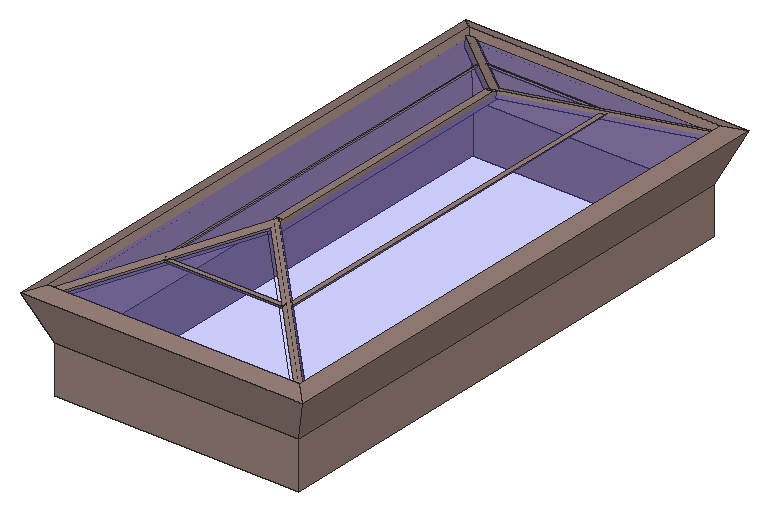
Revit family "6d07245daee446b7b0f36c6bc6e6e210", category Windows, host Roof, Revit 2019
Family settings
  Host = Roof
  OmniClass Number = 23.30.30.17.17
  OmniClass Title = Pyramidal Metal-Framed Skylights
  Always vertical = No
  Cut with Voids When Loaded = No
  Shared = No
  Room Calculation Point = No
Parameters (values of type "17" x 36"")
  Length 7 = if(Angle < 50.00°, Height + 2 * Length 1 - (Angle Height - Height 1) / tan(Angle) - 0' 2 3/4", Height + 2 * Length 1 - (Angle Height - Height 1) / tan(Angle) - 0' 3" + 0' 0 1/4")  # 2' - 3.39586"
  Length 6 = if(Angle < 50.00°, 0.5 * (Width + Length 1 - Length 4) - 0' 0 1/4", if(Angle < 60.00°, 0.5 * (Width + Length 1 - Length 4) + 0' 0 1/4", 0.5 * (Width + Length 1 - Length 4) + 0' 0 1/2"))  # 0' - 8.29037"
  Length 5 = 0.5 * (Angle Height - Height 1) / sin(Angle)  # 0' - 4.57104"
  Length 4 = cos(Angle) * 0' 1 1/8" + sin(Angle) * 0' 0 1/2"  # 0' - 1.23039"
  Length 3 = (Angle Height - Height 1) / tan(Angle)  # 0' - 8.47639"
  Length 2 = tan(Angle / 2) * 0' 1 1/8"  # 0' - 0.21868"
  Length 1 = sin(Angle) * 0' 3 1/2"  # 0' - 1.31112"
  Height 1 = cos(Angle) * 0' 3 1/2"  # 0' - 3.24514"
  Fire Rating = "0.5h"
  Assembly Code = "B2020100"
  Angle Height = 0' 3" / cos(Angle) + tan(Angle) * Width / 2  # 0' - 6.66983"
  Width = 1' - 5"
  Visual Light Transmittance = 0.9
  Thermal Resistance (R) = 0.9899 (h·ft²·°F)/BTU
  Solar Heat Gain Coefficient = 0.86
  Rough Width = Width + 0' 0 1/2"  # 1' - 5 1/2"
  Rough Height = Height + 0' 0 1/2"  # 3' - 0 1/2"
  Height = 3' - 0"
  Heat Transfer Coefficient (U) = 1.0102 BTU/(h·ft²·°F)
  Glass Panel Material = Glass
  Frame Material = Metal - Bronze, Light Brush
  Angle = 22.00°
  Analytic Construction = "Single-glazed windows - domestic"
Types (3): name | Length 7 | Length 6 | Length 5 | Length 3 | Angle Height | Width | Rough Width | Rough Height | Height
  (no name) | 2' - 3.39586" | 0' - 8.29037" | 0' - 4.57104" | 0' - 8.47639" | 0' - 6.66983" | 1' - 5" | 1' - 5 1/2" | 3' - 0 1/2" | 3' - 0"
  17" x 36" | 2' - 3.39586" | 0' - 8.29037" | 0' - 4.57104" | 0' - 8.47639" | 0' - 6.66983" | 1' - 5" | 1' - 5 1/2" | 3' - 0 1/2" | 3' - 0"
  24" x 60" | 3' - 11.89586" | 0' - 11.79037" | 0' - 6.45848" | 0' - 11.97639" | 0' - 8.08392" | 2' - 0" | 2' - 0 1/2" | 5' - 0 1/2" | 5' - 0"
Values of the unnamed type that differ from the named types
  Thermal Resistance (R) = 0.17433 m²·K/W
  Heat Transfer Coefficient (U) = 5.7362 W/(m²·K)
Reference planes (in)
  plane 1 "Center (Front/Back)": y = 0
  plane 2 "Roof": z = 144
  plane 3 "Center (Left/Right)": x = 0
  plane 4: x = -8.5
  plane 5: x = 8.5
  plane 6 "A": y = 18
  plane 7 "B": y = -18
  plane 8 "1": y = 15.5
  plane 9 "2": y = -15.5
  plane 10: x = -6
  plane 11: x = 6
  plane 12: z = 153.25
  plane 13: z = 156.49514
  plane 14: y = 16.875
  plane 15: x = -7.5
  plane 16: x = 7.5
  plane 17: x = 0
  plane 18: z = 159.91983
  plane 19: y = -16.875
  plane 20: y = 19.31112
  plane 21: z = 153.46868
  plane 22: y = -19.31112
  plane 23: y = 10.83473
  plane 24: y = -10.83473
  plane 25: y = 18.65556
  plane 26: y = -18.65556
  plane 27: x = 11
  plane 28: x = -11
  plane 29: y = 18.08074
  plane 30: y = -18.08074
  plane 31: x = 13.5
  plane 32: x = -13.5
  plane 33: x = -0.25
  plane 34: x = 0.25
  plane 35: z = 159.41983
  plane 36 "a": z = 158.20749
  plane 37: y = 9.83473
  plane 38: y = -9.83473
Forms (in)
  Sweep 1, solid, material "Metal - Bronze, Light Brush" <- "Frame Material"
    path origin (0, 0, 144) x (1, 0, 0) y (0, 1, 0)
      loop
        line (-8.5, 18) -> (-8.5, -18) -> (8.5, -18) -> (8.5, 18) -> (-8.5, 18)
    profile origin (0, 18, 144) x (0, 1, 0) y (0, 0, 1)
      loop
        line (0, 6) -> (0, 9.25) -> (1.31112, 12.49514) -> (0.26804, 12.91658) -> (-1.125, 9.46868) -> (-1.125, 6) -> (0, 6)
  Extrusion 2, solid, material "Glass" <- "Glass Panel Material"
    sketch origin (0, 0, 0) x (1, 0, 0) y (0, 0, 1)
      loop
        line (0, 159.91983) -> (-8.58074, 156.45298) -> (-8.49879, 156.25016) -> (0, 159.6839) -> (8.49879, 156.25016) -> (8.58074, 156.45298) -> (0, 159.91983)
    from -18.08074 to 18.08074
  Extrusion 3, void
    sketch origin (0, 19.31112, 156.49514) x (0, 0.927184, -0.374607) y (1, 0, 0)
      loop
        line (0, 13.5) -> (-14.79421, 13.5) -> (-14.79421, -13.5) -> (0, -13.5) -> (0, 13.5)
    from -3.17531 to 0.5
  Extrusion 4, void
    sketch origin (0, -19.31112, 156.49514) x (0, -0.927184, -0.374607) y (1, 0, 0)
      loop
        line (0, -13.5) -> (0, 13.5) -> (-14.79421, 13.5) -> (-14.79421, -13.5) -> (0, -13.5)
    from -0.5 to 3.17531
  Extrusion 5, solid, material "Glass" <- "Glass Panel Material"
    sketch origin (0, 18.65556, 156.22074) x (0, -0.927184, 0.374607) y (1, 0, 0)
      loop
        line (0.61997, 8.58074) -> (0.61997, -8.58074) -> (9.87459, 0) -> (0.61997, 8.58074)
    from 0 to -0.21875
  Extrusion 6, solid, material "Glass" <- "Glass Panel Material"
    sketch origin (0, -9.5, 159.91983) x (0, -0.927184, -0.374607) y (1, 0, 0)
      loop
        line (9.25462, -8.58074) -> (9.25462, 8.58074) -> (0, 0) -> (9.25462, -8.58074)
    from 0 to -0.21875
  Sweep 7, solid, material "Metal - Bronze, Light Brush" <- "Frame Material"
    path origin (0, 18.65556, 156.22074) x (0, -0.927184, 0.374607) y (1, 0, 0)
      loop
        line (0.61997, -8.58074) -> (9.87459, 0) -> (0.61997, 8.58074)
    profile origin (4.29037, 13.79037, 158.18641) x (-0.733301, 0.630396, -0.254697) y (0, 0.374607, 0.927184)
      loop
        line (-0.25, 0.07957) -> (-0.25, -0.42043) -> (0.25, -0.42043) -> (0.25, 0.07957) -> (-0.25, 0.07957)
  Sweep 8, solid, material "Metal - Bronze, Light Brush" <- "Frame Material"
    path origin (0, -9.5, 159.91983) x (0, -0.927184, -0.374607) y (1, 0, 0)
      loop
        line (9.25462, 8.58074) -> (0, 0) -> (9.25462, -8.58074)
    profile origin (-4.29037, -13.79037, 158.18641) x (0.733301, -0.630396, -0.254697) y (0, -0.374607, 0.927184)
      loop
        line (-0.25, 0.08578) -> (-0.25, -0.32047) -> (0.25, -0.32047) -> (0.25, 0.08578) -> (-0.25, 0.08578)
  Extrusion 9, solid, material "Metal - Bronze, Light Brush" <- "Frame Material"
    sketch origin (0, 0, 0) x (1, 0, 0) y (0, 0, 1)
      loop
        line (-0.25, 159.41983) -> (0.25, 159.41983) -> (0.25, 160.08649) -> (-0.25, 160.08649) -> (-0.25, 159.41983)
    from -9.83473 to 9.83473
Cuts and joins
  Extrusion 3, Extrusion 4 cuts Extrusion 2
  Extrusion 3, Extrusion 4 cuts Extrusion 9
Lines and regions (in)
  Opening 1
    outline origin (0, 0, 150) x (0, 1, 0) y (-1, 0, 0)
      loop
        line (15.5, 6) -> (-15.5, 6) -> (-15.5, -6) -> (15.5, -6) -> (15.5, 6)
  reference lines
    curve 1: line (0, 18, 153.25) -> (0, 19.31112, 156.49514)
    curve 2: line (0, 19.31112, 156.49514) -> (0, 10.83473, 159.91983)
    curve 3: line (0, 16.875, 153.46868) -> (0, 18.26804, 156.91658)
    curve 4: line (0, -19.31112, 156.49514) -> (0, -10.83473, 159.91983)
    curve 5: line (0, 19.31112, 159.91983) -> (0, 10.83473, 163.34451)
    curve 6: line (0, -19.31112, 159.91983) -> (0, -10.83473, 163.34451)
    curve 7: line (0, -19.31112, 156.49514) -> (0, -18, 153.25)
    curve 8: line (0, 18.65556, 156.22074) -> (0, 9.5, 159.91983)
    curve 9: line (0, -18.26804, 156.91658) -> (0, -16.875, 153.46868)
    curve 10: line (0, -9.5, 159.91983) -> (0, -18.65556, 156.22074)
    curve 11: line (0, 19.31112, 156.49514) -> (0, 10.83473, 159.91983)
Dimensions and locks (in)
  equal spacing: host sketch curve, plane 3 "Center (Left/Right)", host sketch curve
  equal spacing: host sketch curve, plane 1 "Center (Front/Back)", host sketch curve
  equal spacing: plane 6 "A", plane 1 "Center (Front/Back)", plane 7 "B"
  equal spacing: plane 4, plane 3 "Center (Left/Right)", plane 5
  "Width": plane 4 to plane 5
  "Height": plane 6 "A" to plane 7 "B"
  locked: plane 6 "A" to plane 8 "1" at 2.5
  locked: plane 9 "2" to plane 7 "B" at 2.5
  locked: plane 4 to plane 10 at 2.5
  locked: plane 11 to plane 5 at 2.5
  locked: host roof to plane 12 at 3.25
  locked: plane 4 to plane 15 at 1
  locked: plane 16 to plane 5 at 1
  locked: plane 6 "A" to plane 14 at 1.125
  "Height 1": plane 13 to plane 12
  plane 6 "A" to plane 7 "B" = 3' - 0"
  locked: plane 19 to plane 7 "B" at 1.125
  curve 3 to curve 1 = 0' - 1 1/8"
  "Length 1": plane 20 to plane 6 "A"
  "Length 2": plane 21 to plane 12
  "Length 1": plane 7 "B" to plane 22
  "Length 3": plane 24 to plane 22
  "Length 3": plane 20 to plane 23
  "Angle Height": plane 12 to plane 18
  Sweep 1 to Extrusion 2 sketch curve to Extrusion 2 sketch curve = 0' - 0 1/2" locked, 0' - 0 7/32" locked  (x2)
  equal spacing: plane 20, plane 25, plane 6 "A"
  equal spacing: plane 7 "B", plane 26, plane 22
  locked: cut or joined group of Extrusion 2, Extrusion 3, Extrusion 4 to curve 2 at 0.5
  locked: curve 8 to curve 2 at 0.5
  locked: curve 9 to curve 7 at 1.125
  locked: curve 4 to curve 10 at 0.5
  "Length 4": plane 20 to plane 29
  "Length 4": plane 30 to plane 22
  equal spacing: plane 11, plane 5, plane 27, plane 31
  equal spacing: plane 10, plane 4, plane 28, plane 32
  equal spacing: plane 34, curve 6, plane 33
  locked: plane 34 to plane 33 at 0.5
  locked: plane 18 to plane 35 at 0.5
  equal spacing: plane 18, plane 36 "a", plane 13
  "Length 5": Extrusion 6 to nested 1
  "Length 5": Sweep 1 to nested 2
  "Length 5": nested 3 to Sweep 1
  "Length 5": nested 4 to Sweep 1
  locked: Sweep 7 sketch curve to profile plane at 0.25
  locked: profile plane to Sweep 7 sketch curve at 0.25
  locked: profile plane to Sweep 8 sketch curve at 0.25
  locked: Sweep 8 sketch curve to profile plane at 0.25
  locked: plane 37 to plane 23 at 1
  locked: plane 24 to plane 38 at 1
  Extrusion 9 sketch curve to plane 18 = 0' - 0.16667"
  profile plane to Sweep 8 sketch curve = 0' - 0.08578"
  "Angle": angle plane 20 to curve 1
  "Angle": angle plane 13 to curve 2
  "Angle": angle curve 4 to plane 13
  "Angle": angle plane 18 to curve 5
  "Angle": angle curve 6 to plane 18
  aligned and locked: plane 2 "Roof" to level
  aligned and locked: Opening 1 sketch curve to plane 8 "1"
  aligned and locked: plane 10 to Opening 1 sketch curve
  aligned and locked: plane 9 "2" to Opening 1 sketch curve
  aligned and locked: Opening 1 sketch curve to plane 11
  aligned and locked: Sweep 1 sketch curve to plane 6 "A"  (x2)
  aligned and locked: plane 4 to Sweep 1 sketch curve
  aligned and locked: plane 7 "B" to Sweep 1 sketch curve
  aligned and locked: Sweep 1 sketch curve to plane 5
  aligned and locked: host roof to Sweep 1 sketch curve
  aligned and locked: Sweep 1 sketch curve to plane 14
  aligned and locked: plane 12 to curve 1
  aligned and locked: plane 20 to curve 1
  aligned and locked: plane 21 to curve 3
  aligned and locked: plane 14 to curve 3
  aligned and locked: Sweep 1 sketch curve to curve 1
  aligned and locked: Sweep 1 sketch curve to curve 2
  aligned and locked: Sweep 1 sketch curve to curve 3
  aligned and locked: plane 13 to curve 4
  aligned and locked: plane 23 to curve 2
  aligned and locked: plane 18 to curve 2
  aligned and locked: plane 18 to curve 4
  aligned and locked: plane 24 to curve 4
  aligned and locked: Extrusion 2 sketch curve to Sweep 1
  aligned and locked: Sweep 1 to Extrusion 2 sketch curve
  aligned and locked: plane 18 to curve 5
  aligned and locked: plane 20 to curve 5
  aligned and locked: plane 23 to curve 5
  aligned and locked: Extrusion 3 to curve 5
  aligned and locked: plane 18 to curve 6
  aligned and locked: plane 22 to curve 6
  aligned and locked: plane 24 to curve 6
  aligned and locked: plane 12 to curve 7
  aligned and locked: plane 7 "B" to curve 7
  aligned and locked: Extrusion 4 to curve 6
  aligned and locked: Extrusion 4 to curve 4
  aligned and locked: Extrusion 3 to Sweep 1
  aligned and locked: plane 25 to curve 8
  aligned and locked: plane 18 to curve 8
  aligned and locked: Extrusion 5 sketch curve to Sweep 1
  aligned and locked: plane 21 to curve 9
  aligned and locked: plane 19 to curve 9
  aligned and locked: plane 26 to curve 10
  aligned and locked: plane 18 to curve 10
  aligned and locked: Extrusion 6 sketch curve to cut or joined group of Extrusion 2, Extrusion 3, Extrusion 4  (x2)
  aligned and locked: Extrusion 6 sketch curve to Sweep 1
  aligned and locked: Extrusion 2 to plane 30
  aligned and locked: cut or joined group of Extrusion 2, Extrusion 3, Extrusion 4 to plane 29
  aligned and locked: Extrusion 5 sketch curve to cut or joined group of Extrusion 2, Extrusion 3, Extrusion 4  (x2)
  aligned and locked: Extrusion 3 sketch curve to plane 32
  aligned and locked: Extrusion 3 sketch curve to plane 31
  aligned and locked: Extrusion 4 sketch curve to plane 31
  aligned and locked: Extrusion 4 sketch curve to plane 32
  aligned and locked: Sweep 7 sketch curve to Extrusion 5
  aligned and locked: Extrusion 5 to Sweep 7 sketch curve  (x2)
  aligned and locked: Sweep 8 sketch curve to Extrusion 6
  aligned and locked: Extrusion 6 to Sweep 8 sketch curve
  aligned and locked: Extrusion 9 sketch curve to plane 33
  aligned and locked: plane 35 to Extrusion 9 sketch curve
  aligned and locked: plane 34 to Extrusion 9 sketch curve
  aligned and locked: Sweep 8 sketch curve to Sweep 1
  aligned and locked: cut or joined group of Extrusion 2, Extrusion 3, Extrusion 4 to Sweep 8 sketch curve
  aligned and locked: Sweep 7 sketch curve to Sweep 1
  aligned and locked: curve 11 to curve 2
  aligned and locked: curve 4 to nested 1
  aligned and locked: plane 3 "Center (Left/Right)" to nested 1
  aligned and locked: plane 1 "Center (Front/Back)" to nested 2
  aligned and locked: nested 3 to plane 1 "Center (Front/Back)"
  aligned and locked: curve 11 to nested 4
  aligned and locked: plane 38 to Extrusion 9
  aligned and locked: Extrusion 9 to plane 37
Automatic sketch dimensions
  Extrusion 4 sketch curve to curve 4 = 0' - 5.65213"
  Extrusion 4 sketch curve to curve 4 = 0' - 0"
  curve 2 to Extrusion 3 sketch curve = 0' - 0"
  Extrusion 3 sketch curve to curve 2 = 0' - 5.65213"
  plane 18 to curve 11 = 0' - 0"
  curve 11 to plane 13 = 0' - 0"
  profile plane to Sweep 7 sketch curve = 0' - 0.07957"
  Sweep 7 sketch curve to profile plane = 0' - 0.42043"
  Sweep 8 sketch curve to profile plane = 0' - 0.32047"
Nested families (in)
  nested 1: "Frame" at (0, -13.84254, 158.16533) x (1, 0, 0) z (0, -0.3746, 0.9272), Length <- "Length 6", type "Frame"
    with Width 0' - 0 1/8", Length 0' - 8.29037", Height 0' - 0 1/4"
  nested 2: "Frame" at (-4.34254, 0, 158.16533) x (0, -1, 0) z (-0.3746, 0, 0.9272), Length <- "Length 7", type "Frame"
    with Width 0' - 0 1/16", Length 2' - 3.39586", Height 0' - 0 1/4"
  nested 3: "Frame" at (4.34254, 0, 158.16533) x (0, 1, 0) z (0.3746, 0, 0.9272), Length <- "Length 7", type "Frame"
    with Width 0' - 0 1/8", Length 2' - 3.39586", Height 0' - 0 1/4"
  nested 4: "Frame" at (0, 13.84254, 158.16533) x (-1, 0, 0) z (0, 0.3746, 0.9272), Length <- "Length 6", type "Frame"
    with Width 0' - 0 1/8", Length 0' - 8.29037", Height 0' - 0 1/4"
Definition of nested family "Frame"
  Parameters (values of type "Frame")
    Length [instance] = 0' - 4"
    Width [instance] = 0' - 0 1/8"
    Height [instance] = 0' - 0 1/4"
    Frame Material = none
    Default Elevation = 4' - 0"
  Reference planes (in)
    plane 1 "Center (Front/Back)": y = 0
    plane 2: z = 0
    plane 3 "Center (Left/Right)": x = 0
    plane 4: y = 0.125
    plane 5: y = -0.125
    plane 6: x = -2
    plane 7: x = 2
    plane 8: z = 0.0625
    plane 9: z = -0.0625
  Forms (in)
    Extrusion 1, solid
      sketch origin (0, 0, 0) x (1, 0, 0) y (0, 1, 0)
        loop
          line (-48, 48) -> (-48, -48) -> (48, -48) -> (48, 48) -> (-48, 48)
      from 0 to -12
    Extrusion 2, solid, material <- "Frame Material"
      sketch origin (0, 0, 0) x (1, 0, 0) y (0, 1, 0)
        loop
          line (-2, 0.125) -> (-2, -0.125) -> (2, -0.125) -> (2, 0.125) -> (-2, 0.125)
      from -0.0625 to 0.0625
  Dimensions and locks (in)
    equal spacing: plane 4, plane 1 "Center (Front/Back)", plane 5
    "Height": plane 4 to plane 5
    equal spacing: plane 6, plane 3 "Center (Left/Right)", plane 7
    "Length": plane 6 to plane 7
    equal spacing: plane 8, plane 2, plane 9
    "Width": plane 8 to plane 9
    aligned and locked: plane 2 to Extrusion 1
    aligned and locked: level to Extrusion 1
    aligned and locked: Extrusion 2 to plane 6
    aligned and locked: plane 4 to Extrusion 2
    aligned and locked: Extrusion 2 to plane 5
    aligned and locked: plane 7 to Extrusion 2
    aligned and locked: plane 8 to Extrusion 2
    aligned and locked: Extrusion 2 to plane 9
  Automatic sketch dimensions
    Extrusion 1 sketch curve to Extrusion 1 sketch curve = 8' - 0"  (x2)
    plane 1 "Center (Front/Back)" to Extrusion 2 sketch curve = 0' - 0 1/8"
    plane 6 to Extrusion 2 sketch curve = 0' - 0"
    plane 7 to Extrusion 2 sketch curve = 0' - 0"
    Extrusion 2 sketch curve to plane 4 = 0' - 0"
